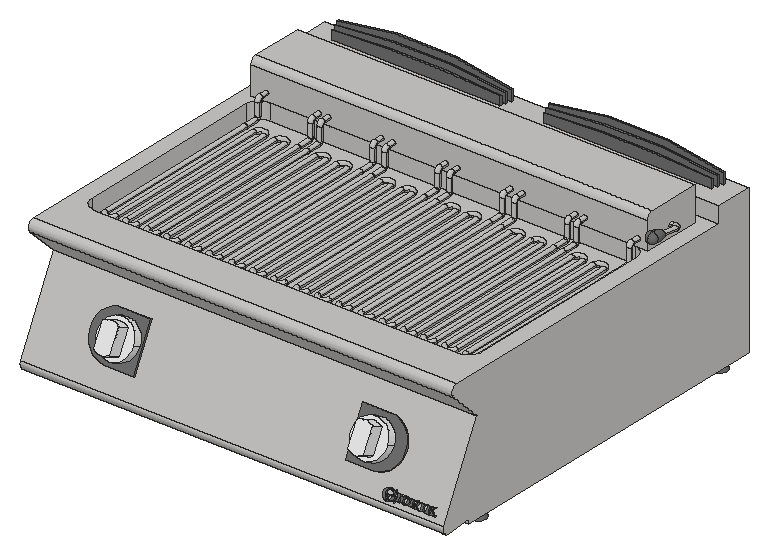
Revit family "QF_GIORIK_GL74TE", category Specialty Equipment, Revit 2014
Parameters (values of type "GL74TE")
  Weight in Pounds = 165.3465
  Watts = 8000 W
  Waste Water Discharge Temperature [instance] = 0 °C
  Volts = 400 V
  URL Cutsheet = "www.giorik.com"
  URL = "www.giorik.com"
  Status [instance] = ""
  Specification by User [instance] = ""
  Specification by Manufacturer = ""
  Show Logo [instance] = yes
  Show Clearance [instance] = yes
  Serial Number = ""
  Seismic Rating = ""
  SMACNA No = ""
  Revision Code [instance] = ""
  Plumbing Remarks [instance] = ""
  Plumbing Connection Type [instance] = ""
  Phase = 3
  Number of Poles [instance] = 3
  NAFEM Spec ID Number = ""
  Model = "GL74TE"
  Min Ckt Ampacity = 0 A
  Max Overcurrent Protection = 0 A
  Masterspec = ""
  Manufacturer = "GIORIK"
  Item Number [instance] = ""
  Installed By [instance] = ""
  Indirect Waste Size = 1"
  Indirect Waste Flow = 0.0 L/s
  Indirect Waste Connection Type [instance] = ""
  Indirect Waste Connection Height [instance] = 20 mm
  Identify Quantity as Lot [instance] = no
  HP = "10.728160000000"
  Furnished By [instance] = ""
  Foodservice Equipment Identifier [instance] = yes
  FL Amps = 0 A
  Electrical Remarks [instance] = ""
  Electric Connection Type [instance] = ""
  Elec Conn RI Height [instance] = 0 mm
  Elec Conn Connection Height [instance] = 20 mm
  Description = "ELECTRIC STEAMGRILL"
  Cycle = 50 Hz
  Conn Plug = ""
  Conn Conduit [instance] = no
  CSI MasterFormat = ""
  Assembly Code = "E1090320"
  Apparent Power = 8000 VA
Reference planes
  plane 1 "Back": y = 0
  plane 2: z = 0
  plane 3 "Left": x = 0
  plane 4 "Right": x = 800
  plane 5 "Front": y = -720
  plane 6 "Top": z = 300
Forms (mm)
  Extrusion 1, solid, visible <- "Show Logo"
    sketch origin (586.604, -736.761, 9.486) x (-1, 0, 0) y (0, 0.452718, 0.891654)
      loop
        line (-118.824, 58.358) -> (-127.804, 58.358) -> (-125.523, 56.445) -> (-125.523, 48.027) -> (-127.804, 46.113) -> (-118.824, 46.113) -> (-121.105, 48.027) -> (-121.105, 56.445) -> (-118.824, 58.358)
      loop
        line (-163.721, 58.358) -> (-172.7, 58.358) -> (-170.42, 56.445) -> (-170.42, 48.027) -> (-172.7, 46.113) -> (-163.721, 46.113) -> (-166.001, 48.027) -> (-166.001, 56.445) -> (-163.721, 58.358)
      loop
        line (-174.332, 58.358) -> (-183.312, 58.358) -> (-181.031, 56.445) -> (-181.031, 52.435) -> (-186.419, 56.955) -> (-184.416, 58.358) -> (-191.268, 58.358) -> (-188.01, 56.839) -> (-185.455, 54.283) -> (-190.846, 47.858) -> (-193.396, 46.93) -> (-193.396, 46.113) -> (-184.416, 46.113) -> (-185.437, 47.571) -> (-182.443, 51.552) -> (-181.031, 50.894) -> (-181.031, 48.027) -> (-183.312, 46.113) -> (-174.332, 46.113) -> (-176.613, 48.027) -> (-176.613, 56.445) -> (-174.332, 58.358)
      loop
        line (-115.429, 62.063) -> (-115.429, 54.198)
        arc (-115.429, 54.198) -> (-111.618, 57.803) -> (-106.847, 59.986) r 16.039
        arc (-106.847, 59.986) -> (-103.314, 59.837) -> (-100.512, 57.68) r 5.851
        arc (-100.512, 57.68) -> (-98.815, 52.267) -> (-100.512, 46.853) r 9.479
        arc (-100.512, 46.853) -> (-102.406, 44.986) -> (-104.846, 43.93) r 7.236
        arc (-104.846, 43.93) -> (-107.728, 44.111) -> (-110.052, 45.825) r 5.11
        line (-110.052, 45.825) -> (-110.052, 52.001) -> (-116.141, 52.001) -> (-116.141, 45.503) -> (-117.893, 43.751) -> (-114.094, 44.769)
        arc (-114.094, 44.769) -> (-112.56, 44.947) -> (-111.129, 44.366) r 3.115
        arc (-111.129, 44.366) -> (-104.216, 42.091) -> (-97.303, 44.366) r 11.641
        arc (-97.303, 44.366) -> (-93.396, 52.107) -> (-97.303, 59.849) r 9.622
        arc (-97.303, 59.849) -> (-104.369, 62.174) -> (-111.435, 59.849) r 11.898
        line (-111.435, 59.849) -> (-115.429, 62.063)
      loop
        arc (-129.234, 56.068) -> (-135.893, 58.628) -> (-142.552, 56.068) r 9.941
        arc (-142.552, 56.068) -> (-144.234, 52.286) -> (-142.552, 48.505) r 5.093
        arc (-142.552, 48.505) -> (-135.893, 45.945) -> (-129.234, 48.505) r 9.941
        arc (-129.234, 48.505) -> (-127.552, 52.286) -> (-129.234, 56.068) r 5.093
      loop
        arc (-132.628, 54.403) -> (-135.893, 57.668) -> (-139.158, 54.403) r 3.265
        line (-139.158, 54.403) -> (-139.158, 50.169)
        arc (-139.158, 50.169) -> (-135.893, 46.904) -> (-132.628, 50.169) r 3.265
        line (-132.628, 50.169) -> (-132.628, 54.403)
      loop
        arc (-156.363, 58.365) -> (-159.647, 55.081) -> (-156.363, 51.796) r 3.285
        line (-156.363, 51.796) -> (-159.529, 47.306) -> (-162.087, 46.113) -> (-155.847, 46.113) -> (-153.529, 51.083) -> (-150.637, 51.083) -> (-150.637, 47.784) -> (-153.022, 46.113) -> (-144.011, 46.113) -> (-146.094, 47.68) -> (-146.094, 56.493) -> (-144.229, 58.365) -> (-156.363, 58.365)
      loop
        line (-150.637, 57.512) -> (-153.637, 57.512)
        arc (-153.637, 57.512) -> (-156.237, 54.912) -> (-153.637, 52.312) r 2.6
        line (-153.637, 52.312) -> (-150.637, 52.312) -> (-150.637, 57.512)
      loop
        line (-108.924, 52.001) -> (-104.936, 49.005) -> (-100.948, 52.001) -> (-108.924, 52.001)
    from 1.5 to -0.5
  Extrusion 2, solid
    sketch origin (-4, 0, 0) x (1, 0, 0) y (0, 1, 0)
      loop
        circle (54, -385) r 12.5
    from 5 to 20
  Extrusion 3, solid
    sketch origin (0, 1000, -620) x (0, 1, 0) y (0, 0, 1)
      loop
        line (-1000, 919.988) -> (-1070, 919.988) -> (-1070, 889.988) -> (-1688.806, 889.988)
        arc (-1688.806, 889.988) -> (-1699.151, 883.075) -> (-1696.724, 870.873) r 11.197
        line (-1696.724, 870.873) -> (-1640.876, 815.025) -> (-1718.948, 661.258)
        arc (-1718.948, 661.258) -> (-1718.233, 650.105) -> (-1708.118, 645.354) r 10.981
        line (-1708.118, 645.354) -> (-1660, 649.925) -> (-1660, 640) -> (-1000, 640) -> (-1000, 919.988)
    from 0 to 800
  Extrusion 4, solid
    sketch origin (-263.221, -963.345, -547.637) x (1, 0, 0) y (0, 0.452718, 0.891654)
      loop
        line (463.221, 676.25) -> (463.221, 766.25) -> (409.698, 766.25)
        arc (409.698, 766.25) -> (364.698, 721.25) -> (409.698, 676.25) r 45
        line (409.698, 676.25) -> (463.221, 676.25)
    from 48 to 50
  Extrusion 5, solid
    sketch origin (511.331, -1008.697, -525.041) x (-1, 0, 0) y (0, -0.45351, -0.891251)
      loop
        circle (351.331, -721.346) r 35
    from 0 to 15
  Extrusion 6, solid
    sketch origin (511.331, -1008.697, -525.041) x (-1, 0, 0) y (0, -0.45351, -0.891251)
      loop
        arc (336.331, -743.846) -> (351.331, -748.846) -> (366.331, -743.846) r 25
        line (366.331, -743.846) -> (366.331, -698.846)
        arc (366.331, -698.846) -> (351.331, -693.846) -> (336.331, -698.846) r 25
        line (336.331, -698.846) -> (336.331, -743.846)
    from 15 to 40
  Extrusion 7, solid
    sketch origin (-94, 0, -610.001) x (1, 0, 0) y (0, 0, 1)
      loop
        line (135, 909.989) -> (453, 909.989) -> (453, 925.527) -> (347.056, 931.749) -> (240.944, 931.749) -> (135, 925.527) -> (135, 909.989)
    from 32 to 35
  Extrusion 8, solid
    sketch origin (-92, 10, -610.001) x (1, 0, 0) y (0, 0, 1)
      loop
        line (454, 909.989) -> (454, 928.527) -> (346.162, 939.193) -> (237.838, 939.193) -> (130, 928.527) -> (130, 909.989) -> (454, 909.989)
    from 32 to 35
  Extrusion 9, solid
    sketch origin (-90, 20, -610.001) x (1, 0, 0) y (0, 0, 1)
      loop
        line (455, 909.989) -> (455, 930.527) -> (345.396, 947.413) -> (234.604, 947.413) -> (125, 930.527) -> (125, 909.989) -> (455, 909.989)
    from 32 to 35
  Extrusion 10, void
    sketch origin (0, 0, 219.988) x (0, 1, 0) y (-1, 0, 0)
      loop
        arc (-200, -55) -> (-207.322, -37.322) -> (-225, -30) r 25
        line (-225, -30) -> (-589.698, -30)
        arc (-589.698, -30) -> (-607.375, -37.322) -> (-614.698, -55) r 25
        line (-614.698, -55) -> (-614.698, -745)
        arc (-614.698, -745) -> (-607.375, -762.678) -> (-589.698, -770) r 25
        line (-589.698, -770) -> (-225, -770)
        arc (-225, -770) -> (-207.322, -762.678) -> (-200, -745) r 25
        line (-200, -745) -> (-200, -55)
    from 20 to 50
  Extrusion 11, solid
    sketch origin (464.5, -383, 1248.988) x (0, -1, 0) y (0, 0, 1)
      loop
        line (-293, -915.5) -> (-293, -979) -> (-183, -979) -> (-183, -927.5)
        arc (-183, -927.5) -> (-186.515, -919.015) -> (-195, -915.5) r 12
        line (-195, -915.5) -> (-293, -915.5)
    from -305.5 to 444.5
  Sweep 12, solid
    path origin (-40.5, 1386.369, 50.284) x (0, 0.987688, -0.156434) y (-1, 0, 0)
      loop
        line (-1551.47, -757) -> (-1551.47, -818)
        arc (-1551.47, -818) -> (-1554.162, -824.308) -> (-1560.47, -827) r 9.2
        line (-1560.47, -827) -> (-1595.47, -827)
    profile origin (747, -146, 292.988) x (0, 0.987688, -0.156434) y (0, 0.156434, 0.987688)
      loop
        circle (0, 0) r 4
  Revolve 13, solid
    sketch origin (786.5, 1381.82, -876.578) x (0, 0.987688, -0.156434) y (0, 0.156434, 0.987688)
      loop
        line (-1735.97, 916.293) -> (-1735.97, 923.293)
        arc (-1735.97, 923.293) -> (-1746.353, 925.612) -> (-1756.97, 926.293) r 68.381
        arc (-1756.97, 926.293) -> (-1764.041, 923.364) -> (-1766.97, 916.293) r 10
        line (-1766.97, 916.293) -> (-1735.97, 916.293)
      axis (-1735.97, 916.293) -> (-1766.97, 916.293)
    angle from 0 to 360
  Sweep 14, solid
    path origin (48.844, 1252.908, -530.209) x (0, 1, 0) y (0, 0, 1)
      loop
        line (-1452.907, 815) -> (-1467.907, 815)
        arc (-1467.907, 815) -> (-1471.443, 813.536) -> (-1472.907, 810) r 5
        line (-1472.907, 810) -> (-1472.907, 785)
        arc (-1472.907, 785) -> (-1474.372, 781.464) -> (-1477.907, 780) r 5
        line (-1477.907, 780) -> (-1502.907, 780)
    profile origin (48.844, -207.5, 284.791) x (0, 0, -1) y (1, 0, 0)
      loop
        circle (0, 0) r 4
  Sweep 15, solid
    path origin (-1280.633, 1146.628, 249.791) x (0, 1, 0) y (-1, 0, 0)
      loop
        line (-1396.628, -1329.478) -> (-1726.628, -1329.478)
        arc (-1726.628, -1329.478) -> (-1736.628, -1339.478) -> (-1726.628, -1349.478) r 10
        line (-1726.628, -1349.478) -> (-1401.628, -1349.478)
        arc (-1401.628, -1349.478) -> (-1391.628, -1359.478) -> (-1401.628, -1369.478) r 10
        line (-1401.628, -1369.478) -> (-1726.628, -1369.478)
        arc (-1726.628, -1369.478) -> (-1736.628, -1379.478) -> (-1726.628, -1389.478) r 10
        line (-1726.628, -1389.478) -> (-1401.628, -1389.478)
        arc (-1401.628, -1389.478) -> (-1391.628, -1399.478) -> (-1401.628, -1409.478) r 10
        line (-1401.628, -1409.478) -> (-1726.628, -1409.478)
        arc (-1726.628, -1409.478) -> (-1736.628, -1419.478) -> (-1726.628, -1429.478) r 10
        line (-1726.628, -1429.478) -> (-1396.628, -1429.478)
    profile origin (48.844, -415, 249.791) x (1, 0, 0) y (0, 0, 1)
      loop
        circle (0, 0) r 4
  Sweep 16, solid
    path origin (148.844, 1252.908, -530.209) x (0, 1, 0) y (0, 0, 1)
      loop
        line (-1452.907, 815) -> (-1467.907, 815)
        arc (-1467.907, 815) -> (-1471.443, 813.536) -> (-1472.907, 810) r 5
        line (-1472.907, 810) -> (-1472.907, 785)
        arc (-1472.907, 785) -> (-1474.372, 781.464) -> (-1477.907, 780) r 5
        line (-1477.907, 780) -> (-1502.907, 780)
    profile origin (148.844, -207.5, 284.791) x (0, 0, -1) y (1, 0, 0)
      loop
        circle (0, 0) r 4
  Extrusion 17, solid
    sketch origin (1063.221, -963.345, -547.637) x (-1, 0, 0) y (0, -0.452718, -0.891654)
      loop
        line (463.221, -676.25) -> (409.698, -676.25)
        arc (409.698, -676.25) -> (364.698, -721.25) -> (409.698, -766.25) r 45
        line (409.698, -766.25) -> (463.221, -766.25) -> (463.221, -676.25)
    from 48 to 50
  Extrusion 18, solid
    sketch origin (288.669, -1008.697, -525.041) x (1, 0, 0) y (0, 0.45351, 0.891251)
      loop
        circle (351.331, 721.346) r 35
    from 0 to 15
  Extrusion 19, solid
    sketch origin (288.669, -1008.697, -525.041) x (1, 0, 0) y (0, 0.45351, 0.891251)
      loop
        line (336.331, 743.846) -> (336.331, 698.846)
        arc (336.331, 698.846) -> (351.331, 693.846) -> (366.331, 698.846) r 25
        line (366.331, 698.846) -> (366.331, 743.846)
        arc (366.331, 743.846) -> (351.331, 748.846) -> (336.331, 743.846) r 25
    from 15 to 40
  Extrusion 20, solid
    sketch origin (400, 0, -30) x (0, 1, 0) y (-1, 0, 0)
      loop
        circle (-195, -350) r 12.4
    from 35 to 50
  Sweep 21, solid
    path origin (166.389, 1252.908, -530.209) x (0, 1, 0) y (0, 0, 1)
      loop
        line (-1452.907, 815) -> (-1467.907, 815)
        arc (-1467.907, 815) -> (-1471.443, 813.536) -> (-1472.907, 810) r 5
        line (-1472.907, 810) -> (-1472.907, 785)
        arc (-1472.907, 785) -> (-1474.372, 781.464) -> (-1477.907, 780) r 5
        line (-1477.907, 780) -> (-1502.907, 780)
    profile origin (166.389, -207.5, 284.791) x (0, 0, -1) y (1, 0, 0)
      loop
        circle (0, 0) r 4
  Sweep 22, solid
    path origin (-1163.089, 1146.628, 249.791) x (0, 1, 0) y (-1, 0, 0)
      loop
        line (-1396.628, -1329.478) -> (-1726.628, -1329.478)
        arc (-1726.628, -1329.478) -> (-1736.628, -1339.478) -> (-1726.628, -1349.478) r 10
        line (-1726.628, -1349.478) -> (-1401.628, -1349.478)
        arc (-1401.628, -1349.478) -> (-1391.628, -1359.478) -> (-1401.628, -1369.478) r 10
        line (-1401.628, -1369.478) -> (-1726.628, -1369.478)
        arc (-1726.628, -1369.478) -> (-1736.628, -1379.478) -> (-1726.628, -1389.478) r 10
        line (-1726.628, -1389.478) -> (-1401.628, -1389.478)
        arc (-1401.628, -1389.478) -> (-1391.628, -1399.478) -> (-1401.628, -1409.478) r 10
        line (-1401.628, -1409.478) -> (-1726.628, -1409.478)
        arc (-1726.628, -1409.478) -> (-1736.628, -1419.478) -> (-1726.628, -1429.478) r 10
        line (-1726.628, -1429.478) -> (-1396.628, -1429.478)
    profile origin (166.389, -415, 249.791) x (1, 0, 0) y (0, 0, 1)
      loop
        circle (0, 0) r 4
  Sweep 23, solid
    path origin (266.389, 1252.908, -530.209) x (0, 1, 0) y (0, 0, 1)
      loop
        line (-1452.907, 815) -> (-1467.907, 815)
        arc (-1467.907, 815) -> (-1471.443, 813.536) -> (-1472.907, 810) r 5
        line (-1472.907, 810) -> (-1472.907, 785)
        arc (-1472.907, 785) -> (-1474.372, 781.464) -> (-1477.907, 780) r 5
        line (-1477.907, 780) -> (-1502.907, 780)
    profile origin (266.389, -207.5, 284.791) x (0, 0, -1) y (1, 0, 0)
      loop
        circle (0, 0) r 4
  Sweep 24, solid
    path origin (288.822, 1252.908, -530.209) x (0, 1, 0) y (0, 0, 1)
      loop
        line (-1452.907, 815) -> (-1467.907, 815)
        arc (-1467.907, 815) -> (-1471.443, 813.536) -> (-1472.907, 810) r 5
        line (-1472.907, 810) -> (-1472.907, 785)
        arc (-1472.907, 785) -> (-1474.372, 781.464) -> (-1477.907, 780) r 5
        line (-1477.907, 780) -> (-1502.907, 780)
    profile origin (288.822, -207.5, 284.791) x (0, 0, -1) y (1, 0, 0)
      loop
        circle (0, 0) r 4
  Sweep 25, solid
    path origin (-1040.656, 1146.628, 249.791) x (0, 1, 0) y (-1, 0, 0)
      loop
        line (-1396.628, -1329.478) -> (-1726.628, -1329.478)
        arc (-1726.628, -1329.478) -> (-1736.628, -1339.478) -> (-1726.628, -1349.478) r 10
        line (-1726.628, -1349.478) -> (-1401.628, -1349.478)
        arc (-1401.628, -1349.478) -> (-1391.628, -1359.478) -> (-1401.628, -1369.478) r 10
        line (-1401.628, -1369.478) -> (-1726.628, -1369.478)
        arc (-1726.628, -1369.478) -> (-1736.628, -1379.478) -> (-1726.628, -1389.478) r 10
        line (-1726.628, -1389.478) -> (-1401.628, -1389.478)
        arc (-1401.628, -1389.478) -> (-1391.628, -1399.478) -> (-1401.628, -1409.478) r 10
        line (-1401.628, -1409.478) -> (-1726.628, -1409.478)
        arc (-1726.628, -1409.478) -> (-1736.628, -1419.478) -> (-1726.628, -1429.478) r 10
        line (-1726.628, -1429.478) -> (-1396.628, -1429.478)
    profile origin (288.822, -415, 249.791) x (1, 0, 0) y (0, 0, 1)
      loop
        circle (0, 0) r 4
  Sweep 26, solid
    path origin (388.822, 1252.908, -530.209) x (0, 1, 0) y (0, 0, 1)
      loop
        line (-1452.907, 815) -> (-1467.907, 815)
        arc (-1467.907, 815) -> (-1471.443, 813.536) -> (-1472.907, 810) r 5
        line (-1472.907, 810) -> (-1472.907, 785)
        arc (-1472.907, 785) -> (-1474.372, 781.464) -> (-1477.907, 780) r 5
        line (-1477.907, 780) -> (-1502.907, 780)
    profile origin (388.822, -207.5, 284.791) x (0, 0, -1) y (1, 0, 0)
      loop
        circle (0, 0) r 4
  Sweep 27, solid
    path origin (751.2, 1252.908, -530.209) x (0, 1, 0) y (0, 0, -1)
      loop
        line (-1452.907, -815) -> (-1467.907, -815)
        arc (-1467.907, -815) -> (-1471.443, -813.536) -> (-1472.907, -810) r 5
        line (-1472.907, -810) -> (-1472.907, -785)
        arc (-1472.907, -785) -> (-1474.372, -781.464) -> (-1477.907, -780) r 5
        line (-1477.907, -780) -> (-1502.907, -780)
    profile origin (751.2, -207.5, 284.791) x (0, 0, 1) y (-1, 0, 0)
      loop
        circle (0, 0) r 4
  Sweep 28, solid
    path origin (2080.678, 1146.628, 249.791) x (0, 1, 0) y (-1, 0, 0)
      loop
        line (-1396.628, 1329.478) -> (-1726.628, 1329.478)
        arc (-1726.628, 1329.478) -> (-1736.628, 1339.478) -> (-1726.628, 1349.478) r 10
        line (-1726.628, 1349.478) -> (-1401.628, 1349.478)
        arc (-1401.628, 1349.478) -> (-1391.628, 1359.478) -> (-1401.628, 1369.478) r 10
        line (-1401.628, 1369.478) -> (-1726.628, 1369.478)
        arc (-1726.628, 1369.478) -> (-1736.628, 1379.478) -> (-1726.628, 1389.478) r 10
        line (-1726.628, 1389.478) -> (-1401.628, 1389.478)
        arc (-1401.628, 1389.478) -> (-1391.628, 1399.478) -> (-1401.628, 1409.478) r 10
        line (-1401.628, 1409.478) -> (-1726.628, 1409.478)
        arc (-1726.628, 1409.478) -> (-1736.628, 1419.478) -> (-1726.628, 1429.478) r 10
        line (-1726.628, 1429.478) -> (-1396.628, 1429.478)
    profile origin (751.2, -415, 249.791) x (1, 0, 0) y (0, 0, 1)
      loop
        circle (0, 0) r 4
  Sweep 29, solid
    path origin (651.2, 1252.908, -530.209) x (0, 1, 0) y (0, 0, -1)
      loop
        line (-1452.907, -815) -> (-1467.907, -815)
        arc (-1467.907, -815) -> (-1471.443, -813.536) -> (-1472.907, -810) r 5
        line (-1472.907, -810) -> (-1472.907, -785)
        arc (-1472.907, -785) -> (-1474.372, -781.464) -> (-1477.907, -780) r 5
        line (-1477.907, -780) -> (-1502.907, -780)
    profile origin (651.2, -207.5, 284.791) x (0, 0, 1) y (-1, 0, 0)
      loop
        circle (0, 0) r 4
  Sweep 30, solid
    path origin (633.655, 1252.908, -530.209) x (0, 1, 0) y (0, 0, -1)
      loop
        line (-1452.907, -815) -> (-1467.907, -815)
        arc (-1467.907, -815) -> (-1471.443, -813.536) -> (-1472.907, -810) r 5
        line (-1472.907, -810) -> (-1472.907, -785)
        arc (-1472.907, -785) -> (-1474.372, -781.464) -> (-1477.907, -780) r 5
        line (-1477.907, -780) -> (-1502.907, -780)
    profile origin (633.655, -207.5, 284.791) x (0, 0, 1) y (-1, 0, 0)
      loop
        circle (0, 0) r 4
  Sweep 31, solid
    path origin (1963.133, 1146.628, 249.791) x (0, 1, 0) y (-1, 0, 0)
      loop
        line (-1396.628, 1329.478) -> (-1726.628, 1329.478)
        arc (-1726.628, 1329.478) -> (-1736.628, 1339.478) -> (-1726.628, 1349.478) r 10
        line (-1726.628, 1349.478) -> (-1401.628, 1349.478)
        arc (-1401.628, 1349.478) -> (-1391.628, 1359.478) -> (-1401.628, 1369.478) r 10
        line (-1401.628, 1369.478) -> (-1726.628, 1369.478)
        arc (-1726.628, 1369.478) -> (-1736.628, 1379.478) -> (-1726.628, 1389.478) r 10
        line (-1726.628, 1389.478) -> (-1401.628, 1389.478)
        arc (-1401.628, 1389.478) -> (-1391.628, 1399.478) -> (-1401.628, 1409.478) r 10
        line (-1401.628, 1409.478) -> (-1726.628, 1409.478)
        arc (-1726.628, 1409.478) -> (-1736.628, 1419.478) -> (-1726.628, 1429.478) r 10
        line (-1726.628, 1429.478) -> (-1396.628, 1429.478)
    profile origin (633.655, -415, 249.791) x (1, 0, 0) y (0, 0, 1)
      loop
        circle (0, 0) r 4
  Sweep 32, solid
    path origin (533.655, 1252.908, -530.209) x (0, 1, 0) y (0, 0, -1)
      loop
        line (-1452.907, -815) -> (-1467.907, -815)
        arc (-1467.907, -815) -> (-1471.443, -813.536) -> (-1472.907, -810) r 5
        line (-1472.907, -810) -> (-1472.907, -785)
        arc (-1472.907, -785) -> (-1474.372, -781.464) -> (-1477.907, -780) r 5
        line (-1477.907, -780) -> (-1502.907, -780)
    profile origin (533.655, -207.5, 284.791) x (0, 0, 1) y (-1, 0, 0)
      loop
        circle (0, 0) r 4
  Sweep 33, solid
    path origin (511.222, 1252.908, -530.209) x (0, 1, 0) y (0, 0, -1)
      loop
        line (-1452.907, -815) -> (-1467.907, -815)
        arc (-1467.907, -815) -> (-1471.443, -813.536) -> (-1472.907, -810) r 5
        line (-1472.907, -810) -> (-1472.907, -785)
        arc (-1472.907, -785) -> (-1474.372, -781.464) -> (-1477.907, -780) r 5
        line (-1477.907, -780) -> (-1502.907, -780)
    profile origin (511.222, -207.5, 284.791) x (0, 0, 1) y (-1, 0, 0)
      loop
        circle (0, 0) r 4
  Sweep 34, solid
    path origin (1840.7, 1146.628, 249.791) x (0, 1, 0) y (-1, 0, 0)
      loop
        line (-1396.628, 1329.478) -> (-1726.628, 1329.478)
        arc (-1726.628, 1329.478) -> (-1736.628, 1339.478) -> (-1726.628, 1349.478) r 10
        line (-1726.628, 1349.478) -> (-1401.628, 1349.478)
        arc (-1401.628, 1349.478) -> (-1391.628, 1359.478) -> (-1401.628, 1369.478) r 10
        line (-1401.628, 1369.478) -> (-1726.628, 1369.478)
        arc (-1726.628, 1369.478) -> (-1736.628, 1379.478) -> (-1726.628, 1389.478) r 10
        line (-1726.628, 1389.478) -> (-1401.628, 1389.478)
        arc (-1401.628, 1389.478) -> (-1391.628, 1399.478) -> (-1401.628, 1409.478) r 10
        line (-1401.628, 1409.478) -> (-1726.628, 1409.478)
        arc (-1726.628, 1409.478) -> (-1736.628, 1419.478) -> (-1726.628, 1429.478) r 10
        line (-1726.628, 1429.478) -> (-1396.628, 1429.478)
    profile origin (511.222, -415, 249.791) x (1, 0, 0) y (0, 0, 1)
      loop
        circle (0, 0) r 4
  Sweep 35, solid
    path origin (411.222, 1252.908, -530.209) x (0, 1, 0) y (0, 0, -1)
      loop
        line (-1452.907, -815) -> (-1467.907, -815)
        arc (-1467.907, -815) -> (-1471.443, -813.536) -> (-1472.907, -810) r 5
        line (-1472.907, -810) -> (-1472.907, -785)
        arc (-1472.907, -785) -> (-1474.372, -781.464) -> (-1477.907, -780) r 5
        line (-1477.907, -780) -> (-1502.907, -780)
    profile origin (411.222, -207.5, 284.791) x (0, 0, 1) y (-1, 0, 0)
      loop
        circle (0, 0) r 4
  Extrusion 36, solid
    sketch origin (894, 0, -610.001) x (-1, 0, 0) y (0, 0, -1)
      loop
        line (135, -909.989) -> (135, -925.527) -> (240.944, -931.749) -> (347.056, -931.749) -> (453, -925.527) -> (453, -909.989) -> (135, -909.989)
    from 32 to 35
  Extrusion 37, solid
    sketch origin (892, 10, -610.001) x (-1, 0, 0) y (0, 0, -1)
      loop
        line (454, -909.989) -> (130, -909.989) -> (130, -928.527) -> (237.838, -939.193) -> (346.162, -939.193) -> (454, -928.527) -> (454, -909.989)
    from 32 to 35
  Extrusion 38, solid
    sketch origin (890, 20, -610.001) x (-1, 0, 0) y (0, 0, -1)
      loop
        line (455, -909.989) -> (125, -909.989) -> (125, -930.527) -> (234.604, -947.413) -> (345.396, -947.413) -> (455, -930.527) -> (455, -909.989)
    from 32 to 35
  Extrusion 39, solid
    sketch origin (543.603, 45.293, -30) x (0, 1, 0) y (-1, 0, 0)
      loop
        circle (-79.293, 516.603) r 5
    from 41.965 to 50
  Revolve 40, solid
    sketch origin (27, 49.943, -600) x (0, 1, 0) y (0, 0, 1)
      loop
        line (-83.943, 611.965) -> (-94.752, 611.965) -> (-97.943, 600) -> (-83.943, 600) -> (-83.943, 611.965)
      axis (-83.943, 611.965) -> (-83.943, 600)
    angle from 0 to 360
  Extrusion 41, solid
    sketch origin (543.603, -524.707, -30) x (0, 1, 0) y (-1, 0, 0)
      loop
        circle (-79.293, 516.603) r 5
    from 41.965 to 50
  Revolve 42, solid
    sketch origin (27, -520.057, -600) x (0, 1, 0) y (0, 0, 1)
      loop
        line (-83.943, 611.965) -> (-94.752, 611.965) -> (-97.943, 600) -> (-83.943, 600) -> (-83.943, 611.965)
      axis (-83.943, 611.965) -> (-83.943, 600)
    angle from 0 to 360
  Extrusion 43, solid
    sketch origin (256.397, 45.293, -30) x (0, 1, 0) y (-1, 0, 0)
      loop
        circle (-79.293, -516.603) r 5
    from 41.965 to 50
  Revolve 44, solid
    sketch origin (773, 49.943, -600) x (0, 1, 0) y (0, 0, -1)
      loop
        line (-83.943, -611.965) -> (-83.943, -600) -> (-97.943, -600) -> (-94.752, -611.965) -> (-83.943, -611.965)
      axis (-83.943, -611.965) -> (-83.943, -600)
    angle from 0 to 360
  Extrusion 45, solid
    sketch origin (256.397, -524.707, -30) x (0, 1, 0) y (-1, 0, 0)
      loop
        circle (-79.293, -516.603) r 5
    from 41.965 to 50
  Revolve 46, solid
    sketch origin (773, -520.057, -600) x (0, 1, 0) y (0, 0, -1)
      loop
        line (-83.943, -611.965) -> (-83.943, -600) -> (-97.943, -600) -> (-94.752, -611.965) -> (-83.943, -611.965)
      axis (-83.943, -611.965) -> (-83.943, -600)
    angle from 0 to 360
Cuts and joins
  Extrusion 10 cuts Extrusion 3
Lines and regions (mm)
  symbolic lines, style "200-EquipBorder-2D"
    curve 1: line (0, -720, 0) -> (800, -720, 0)
    curve 2: line (800, -720, 0) -> (800, 0, 0)
    curve 3: line (800, 0, 0) -> (0, 0, 0)
    curve 4: line (0, 0, 0) -> (0, -720, 0)
  symbolic lines, style "200-EquipInternal-2D"
    curve 5: line (0, -70, 300) -> (800, -70, 300)
    curve 6: line (35, -12, 900) -> (365, -12, 900)
    curve 7: line (365, -12, 900) -> (365, -15, 900)
    curve 8: line (365, -15, 900) -> (35, -15, 900)
    curve 9: line (35, -15, 900) -> (35, -12, 900)
    curve 10: line (38, -22, 900) -> (362, -22, 900)
    curve 11: line (362, -22, 900) -> (362, -25, 900)
    curve 12: line (362, -25, 900) -> (38, -25, 900)
    curve 13: line (38, -25, 900) -> (38, -22, 900)
    curve 14: line (41, -32, 900) -> (359, -32, 900)
    curve 15: line (359, -32, 900) -> (359, -35, 900)
    curve 16: line (359, -35, 900) -> (41, -35, 900)
    curve 17: line (41, -35, 900) -> (41, -32, 900)
    curve 18: line (20, -200, 300) -> (20, -90, 300)
    curve 19: line (20, -90, 300) -> (770, -90, 300)
    curve 20: line (770, -200, 300) -> (20, -200, 300)
    curve 21: line (782.501, -155.079, 300) -> (782.501, -188.518, 300)
    curve 22: line (790.499, -154.963, 300) -> (790.499, -188.518, 300)
    curve 23: arc (777.404, -149.982, 300) -> (781.008, -151.475, 300) -> (782.501, -155.079, 300) r 5.097
    curve 24: arc (777.536, -142, 300) -> (786.702, -145.797, 300) -> (790.499, -154.963, 300) r 12.963
    curve 25: arc (776.533, -210.204, 300) -> (786.533, -220.204, 300) -> (796.533, -210.204, 300) r 10
    curve 26: arc (796.533, -210.204, 300) -> (795.804, -199.779, 300) -> (793.631, -189.557, 300) r 74.904
    curve 27: arc (779.461, -189.443, 300) -> (777.269, -199.721, 300) -> (776.533, -210.204, 300) r 75.072
    curve 28: arc (790.499, -188.518, 300) -> (792.163, -188.743, 300) -> (793.631, -189.557, 300) r 4.546
    curve 29: arc (782.501, -188.518, 300) -> (780.891, -188.685, 300) -> (779.461, -189.443, 300) r 4.244
    curve 30: line (777.404, -149.982, 300) -> (770, -149.982, 300)
    curve 31: line (777.536, -142, 300) -> (770, -142, 300)
    curve 32: line (647.2, -200, 300) -> (647.2, -580, 300)
    curve 33: arc (647.2, -580, 300) -> (661.223, -594.023, 300) -> (675.246, -580, 300) r 14.023
    curve 34: line (675.246, -580, 300) -> (675.246, -255, 300)
    curve 35: arc (675.246, -255, 300) -> (681.201, -249.046, 300) -> (687.155, -255, 300) r 5.954
    curve 36: line (687.155, -255, 300) -> (687.155, -580, 300)
    curve 37: arc (687.155, -580, 300) -> (701.176, -594.021, 300) -> (715.197, -580, 300) r 14.021
    curve 38: line (715.197, -580, 300) -> (715.197, -255, 300)
    curve 39: arc (715.197, -255, 300) -> (721.211, -248.986, 300) -> (727.224, -255, 300) r 6.013
    curve 40: line (727.224, -255, 300) -> (727.224, -580, 300)
    curve 41: arc (727.224, -580, 300) -> (741.238, -594.014, 300) -> (755.252, -580, 300) r 14.014
    curve 42: line (755.252, -580, 300) -> (755.252, -200, 300)
    curve 43: line (747.257, -200, 300) -> (747.257, -580, 300)
    curve 44: line (735.198, -580, 300) -> (735.198, -255, 300)
    curve 45: arc (735.198, -255, 300) -> (721.215, -241.017, 300) -> (707.231, -255, 300) r 13.983
    curve 46: line (707.231, -255, 300) -> (707.231, -580, 300)
    curve 47: arc (707.231, -580, 300) -> (701.21, -586.021, 300) -> (695.189, -580, 300) r 6.021
    curve 48: line (695.189, -580, 300) -> (695.189, -255, 300)
    curve 49: arc (695.189, -255, 300) -> (681.227, -241.039, 300) -> (667.266, -255, 300) r 13.961
    curve 50: line (667.266, -255, 300) -> (667.266, -580, 300)
    curve 51: arc (667.266, -580, 300) -> (661.249, -586.017, 300) -> (655.232, -580, 300) r 6.017
    curve 52: line (655.232, -580, 300) -> (655.232, -200, 300)
    curve 53: arc (735.198, -580, 300) -> (741.227, -586.03, 300) -> (747.257, -580, 300) r 6.03
    curve 54: line (529.655, -200, 300) -> (529.655, -580, 300)
    curve 55: arc (529.655, -580, 300) -> (543.678, -594.023, 300) -> (557.702, -580, 300) r 14.023
    curve 56: line (557.702, -580, 300) -> (557.702, -255, 300)
    curve 57: arc (557.702, -255, 300) -> (563.656, -249.046, 300) -> (569.61, -255, 300) r 5.954
    curve 58: line (569.61, -255, 300) -> (569.61, -580, 300)
    curve 59: arc (569.61, -580, 300) -> (583.631, -594.021, 300) -> (597.653, -580, 300) r 14.021
    curve 60: line (597.653, -580, 300) -> (597.653, -255, 300)
    curve 61: arc (597.653, -255, 300) -> (603.666, -248.986, 300) -> (609.68, -255, 300) r 6.013
    curve 62: line (609.68, -255, 300) -> (609.68, -580, 300)
    curve 63: arc (609.68, -580, 300) -> (623.693, -594.014, 300) -> (637.707, -580, 300) r 14.014
    curve 64: line (637.707, -580, 300) -> (637.707, -200, 300)
    curve 65: line (629.713, -200, 300) -> (629.713, -580, 300)
    curve 66: line (617.653, -580, 300) -> (617.653, -255, 300)
    curve 67: arc (617.653, -255, 300) -> (603.67, -241.017, 300) -> (589.687, -255, 300) r 13.983
    curve 68: line (589.687, -255, 300) -> (589.687, -580, 300)
    curve 69: arc (589.687, -580, 300) -> (583.665, -586.021, 300) -> (577.644, -580, 300) r 6.021
    curve 70: line (577.644, -580, 300) -> (577.644, -255, 300)
    curve 71: arc (577.644, -255, 300) -> (563.683, -241.039, 300) -> (549.721, -255, 300) r 13.961
    curve 72: line (549.721, -255, 300) -> (549.721, -580, 300)
    curve 73: arc (549.721, -580, 300) -> (543.704, -586.017, 300) -> (537.687, -580, 300) r 6.017
    curve 74: line (537.687, -580, 300) -> (537.687, -200, 300)
    curve 75: arc (617.653, -580, 300) -> (623.683, -586.03, 300) -> (629.713, -580, 300) r 6.03
    curve 76: line (407.222, -200, 300) -> (407.222, -580, 300)
    curve 77: arc (407.222, -580, 300) -> (421.245, -594.023, 300) -> (435.269, -580, 300) r 14.023
    curve 78: line (435.269, -580, 300) -> (435.269, -255, 300)
    curve 79: arc (435.269, -255, 300) -> (441.223, -249.046, 300) -> (447.177, -255, 300) r 5.954
    curve 80: line (447.177, -255, 300) -> (447.177, -580, 300)
    curve 81: arc (447.177, -580, 300) -> (461.198, -594.021, 300) -> (475.219, -580, 300) r 14.021
    curve 82: line (475.219, -580, 300) -> (475.219, -255, 300)
    curve 83: arc (475.219, -255, 300) -> (481.233, -248.986, 300) -> (487.246, -255, 300) r 6.013
    curve 84: line (487.246, -255, 300) -> (487.246, -580, 300)
    curve 85: arc (487.246, -580, 300) -> (501.26, -594.014, 300) -> (515.274, -580, 300) r 14.014
    curve 86: line (515.274, -580, 300) -> (515.274, -200, 300)
    curve 87: line (507.279, -200, 300) -> (507.279, -580, 300)
    curve 88: line (495.22, -580, 300) -> (495.22, -255, 300)
    curve 89: arc (495.22, -255, 300) -> (481.237, -241.017, 300) -> (467.254, -255, 300) r 13.983
    curve 90: line (467.254, -255, 300) -> (467.254, -580, 300)
    curve 91: arc (467.254, -580, 300) -> (461.232, -586.021, 300) -> (455.211, -580, 300) r 6.021
    curve 92: line (455.211, -580, 300) -> (455.211, -255, 300)
    curve 93: arc (455.211, -255, 300) -> (441.25, -241.039, 300) -> (427.288, -255, 300) r 13.961
    curve 94: line (427.288, -255, 300) -> (427.288, -580, 300)
    curve 95: arc (427.288, -580, 300) -> (421.271, -586.017, 300) -> (415.254, -580, 300) r 6.017
    curve 96: line (415.254, -580, 300) -> (415.254, -200, 300)
    curve 97: arc (495.22, -580, 300) -> (501.25, -586.03, 300) -> (507.279, -580, 300) r 6.03
    curve 98: line (284.822, -200, 300) -> (284.822, -580, 300)
    curve 99: arc (284.822, -580, 300) -> (298.845, -594.023, 300) -> (312.869, -580, 300) r 14.023
    curve 100: line (312.869, -580, 300) -> (312.869, -255, 300)
    curve 101: arc (312.869, -255, 300) -> (318.823, -249.046, 300) -> (324.777, -255, 300) r 5.954
    curve 102: line (324.777, -255, 300) -> (324.777, -580, 300)
    curve 103: arc (324.777, -580, 300) -> (338.798, -594.021, 300) -> (352.819, -580, 300) r 14.021
    curve 104: line (352.819, -580, 300) -> (352.819, -255, 300)
    curve 105: arc (352.819, -255, 300) -> (358.833, -248.986, 300) -> (364.846, -255, 300) r 6.013
    curve 106: line (364.846, -255, 300) -> (364.846, -580, 300)
    curve 107: arc (364.846, -580, 300) -> (378.86, -594.014, 300) -> (392.874, -580, 300) r 14.014
    curve 108: line (392.874, -580, 300) -> (392.874, -200, 300)
    curve 109: line (384.879, -200, 300) -> (384.879, -580, 300)
    curve 110: line (372.82, -580, 300) -> (372.82, -255, 300)
    curve 111: arc (372.82, -255, 300) -> (358.837, -241.017, 300) -> (344.854, -255, 300) r 13.983
    curve 112: line (344.854, -255, 300) -> (344.854, -580, 300)
    curve 113: arc (344.854, -580, 300) -> (338.832, -586.021, 300) -> (332.811, -580, 300) r 6.021
    curve 114: line (332.811, -580, 300) -> (332.811, -255, 300)
    curve 115: arc (332.811, -255, 300) -> (318.85, -241.039, 300) -> (304.888, -255, 300) r 13.961
    curve 116: line (304.888, -255, 300) -> (304.888, -580, 300)
    curve 117: arc (304.888, -580, 300) -> (298.871, -586.017, 300) -> (292.854, -580, 300) r 6.017
    curve 118: line (292.854, -580, 300) -> (292.854, -200, 300)
    curve 119: arc (372.82, -580, 300) -> (378.85, -586.03, 300) -> (384.879, -580, 300) r 6.03
    curve 120: line (162.389, -200, 300) -> (162.389, -580, 300)
    curve 121: arc (162.389, -580, 300) -> (176.412, -594.023, 300) -> (190.435, -580, 300) r 14.023
    curve 122: line (190.435, -580, 300) -> (190.435, -255, 300)
    curve 123: arc (190.435, -255, 300) -> (196.39, -249.046, 300) -> (202.344, -255, 300) r 5.954
    curve 124: line (202.344, -255, 300) -> (202.344, -580, 300)
    curve 125: arc (202.344, -580, 300) -> (216.365, -594.021, 300) -> (230.386, -580, 300) r 14.021
    curve 126: line (230.386, -580, 300) -> (230.386, -255, 300)
    curve 127: arc (230.386, -255, 300) -> (236.4, -248.986, 300) -> (242.413, -255, 300) r 6.013
    curve 128: line (242.413, -255, 300) -> (242.413, -580, 300)
    curve 129: arc (242.413, -580, 300) -> (256.427, -594.014, 300) -> (270.441, -580, 300) r 14.014
    curve 130: line (270.441, -580, 300) -> (270.441, -200, 300)
    curve 131: line (262.446, -200, 300) -> (262.446, -580, 300)
    curve 132: line (250.387, -580, 300) -> (250.387, -255, 300)
    curve 133: arc (250.387, -255, 300) -> (236.404, -241.017, 300) -> (222.42, -255, 300) r 13.983
    curve 134: line (222.42, -255, 300) -> (222.42, -580, 300)
    curve 135: arc (222.42, -580, 300) -> (216.399, -586.021, 300) -> (210.378, -580, 300) r 6.021
    curve 136: line (210.378, -580, 300) -> (210.378, -255, 300)
    curve 137: arc (210.378, -255, 300) -> (196.416, -241.039, 300) -> (182.455, -255, 300) r 13.961
    curve 138: line (182.455, -255, 300) -> (182.455, -580, 300)
    curve 139: arc (182.455, -580, 300) -> (176.438, -586.017, 300) -> (170.42, -580, 300) r 6.017
    curve 140: line (170.42, -580, 300) -> (170.42, -200, 300)
    curve 141: arc (250.387, -580, 300) -> (256.416, -586.03, 300) -> (262.446, -580, 300) r 6.03
    curve 142: line (44.844, -200, 300) -> (44.844, -580, 300)
    curve 143: arc (44.844, -580, 300) -> (58.867, -594.023, 300) -> (72.891, -580, 300) r 14.023
    curve 144: line (72.891, -580, 300) -> (72.891, -255, 300)
    curve 145: arc (72.891, -255, 300) -> (78.845, -249.046, 300) -> (84.799, -255, 300) r 5.954
    curve 146: line (84.799, -255, 300) -> (84.799, -580, 300)
    curve 147: arc (84.799, -580, 300) -> (98.82, -594.021, 300) -> (112.842, -580, 300) r 14.021
    curve 148: line (112.842, -580, 300) -> (112.842, -255, 300)
    curve 149: arc (112.842, -255, 300) -> (118.855, -248.986, 300) -> (124.869, -255, 300) r 6.013
    curve 150: line (124.869, -255, 300) -> (124.869, -580, 300)
    curve 151: arc (124.869, -580, 300) -> (138.882, -594.014, 300) -> (152.896, -580, 300) r 14.014
    curve 152: line (152.896, -580, 300) -> (152.896, -200, 300)
    curve 153: line (144.902, -200, 300) -> (144.902, -580, 300)
    curve 154: line (132.842, -580, 300) -> (132.842, -255, 300)
    curve 155: arc (132.842, -255, 300) -> (118.859, -241.017, 300) -> (104.876, -255, 300) r 13.983
    curve 156: line (104.876, -255, 300) -> (104.876, -580, 300)
    curve 157: arc (104.876, -580, 300) -> (98.854, -586.021, 300) -> (92.833, -580, 300) r 6.021
    curve 158: line (92.833, -580, 300) -> (92.833, -255, 300)
    curve 159: arc (92.833, -255, 300) -> (78.872, -241.039, 300) -> (64.91, -255, 300) r 13.961
    curve 160: line (64.91, -255, 300) -> (64.91, -580, 300)
    curve 161: arc (64.91, -580, 300) -> (58.893, -586.017, 300) -> (52.876, -580, 300) r 6.017
    curve 162: line (52.876, -580, 300) -> (52.876, -200, 300)
    curve 163: arc (132.842, -580, 300) -> (138.872, -586.03, 300) -> (144.902, -580, 300) r 6.03
    curve 164: line (770, -225, 300) -> (770, -589.698, 300)
    curve 165: line (745, -614.698, 300) -> (55, -614.698, 300)
    curve 166: line (30, -589.698, 300) -> (30, -225, 300)
    curve 167: line (435, -12, 900) -> (765, -12, 900)
    curve 168: line (765, -12, 900) -> (765, -15, 900)
    curve 169: line (765, -15, 900) -> (435, -15, 900)
    curve 170: line (435, -15, 900) -> (435, -12, 900)
    curve 171: line (438, -22, 900) -> (762, -22, 900)
    curve 172: line (762, -22, 900) -> (762, -25, 900)
    curve 173: line (762, -25, 900) -> (438, -25, 900)
    curve 174: line (438, -25, 900) -> (438, -22, 900)
    curve 175: line (441, -32, 900) -> (759, -32, 900)
    curve 176: line (759, -32, 900) -> (759, -35, 900)
    curve 177: line (759, -35, 900) -> (441, -35, 900)
    curve 178: line (441, -35, 900) -> (441, -32, 900)
    curve 179: arc (755.252, -202.199, 300) -> (765.992, -211.422, 300) -> (770, -225, 300) r 25
    curve 180: arc (770, -589.698, 300) -> (762.678, -607.375, 300) -> (745, -614.698, 300) r 25
    curve 181: arc (55, -614.698, 300) -> (37.322, -607.375, 300) -> (30, -589.698, 300) r 25
    curve 182: arc (30, -225, 300) -> (34.037, -211.378, 300) -> (44.844, -202.156, 300) r 25
    curve 183: line (770, -200, 300) -> (770, -90, 300)
Dimensions and locks
  plane 3 "Left" to plane 4 "Right" = 800 mm
  plane 5 "Front" to plane 1 "Back" = 720 mm
  plane 4 "Right" to plane 3 "Left" = 800 mm
  plane 1 "Back" to plane 5 "Front" = 720 mm
  plane 6 "Top" to level = 300 mm  (x2)
  aligned and locked: level to plane 2
Connectors
  piping at (750, -195, 5), diameter 25.4, driven by "Indirect Waste Size", driven by "Indirect Waste Flow"
    settings: on Extrusion 20, index 2, connector inside diameter 24", connector length 0 mm, flow factor 0, pipe flow 0.0 L/s, pressure drop 0.0 Pa, fitting loss kfactor 0, connector angle 0.00°, fixture units 0, engagement length 0 mm, angle of deflection 0.00°, flow configuration 1, flow direction 2, fitting loss method 0, system type 16, joint type 0, gender type 0, connector reference index -1, connector utility 0, adjustable connector no, is connector primary yes, connector description "Drain connection"
  electrical at (50, -385, 5), driven by "Apparent Power", driven by "Volts", driven by "Number of Poles"
    settings: on Extrusion 2, index 3, voltage 400 V, apparent load 0 VA, apparent load phase1 8000 VA, apparent load phase2 0 VA, apparent load phase3 0 VA, power factor 1, load classification "Other", number of poles 3, system type 31, power factor state 1, is connector primary yes, connector utility no, sub classification motor no, connector description "Electrical connection"
